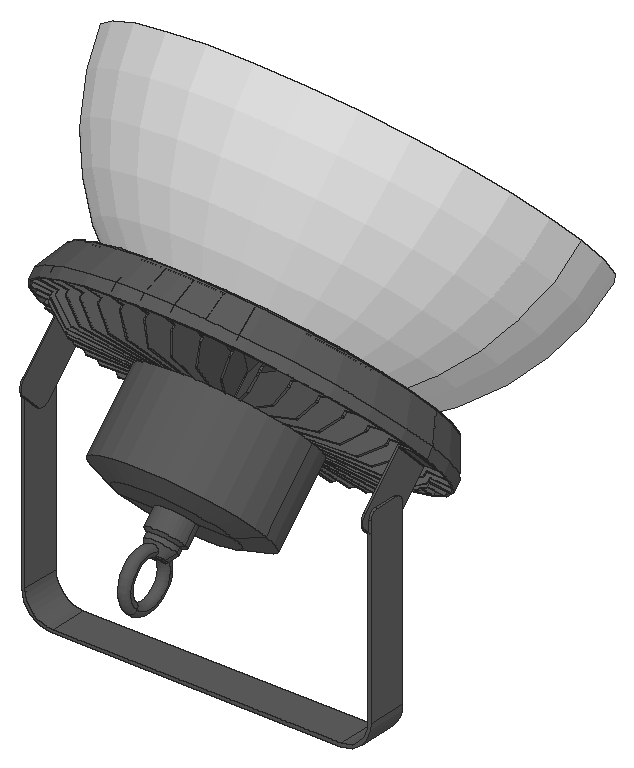
Revit family "0039367+0039355+0039359 Sylvania Lighting Fixture START HighBay IP65 DALI 26000lm 840 WB with BRACKET and ALU SHADE ALU COLOR FOR 26KLM", category Lighting Fixtures, host Face, Revit 2016 (continued)
Definition of nested family "Start LED Highbay DALI Head"
  Nested families
    nested 6: "Start Highbay Rib" at (0, 0, 80.875) x (0.7071, 0.7071, 0) z (0, 0, 1), type "Type Name", detail levels medium+fine
      with SuspensionHeight_FEILO 2.6 mm, WidthStraight_FEILO 4.7 mm, WidthRingChamfer_FEILO 12.9 mm, WidthCurved_FEILO 26.2 mm, WidthCurvedRing_FEILO 4.7 mm, SizeS_FEILO no, Rib4_FEILO 14.6 mm, Rib3_FEILO 20.2 mm, Rib2_FEILO 4.5 mm, Rib1_FEILO 19 mm, RadiusDiffuser_FEILO 120 mm, RHRadius3_FEILO 8.6 mm, RHRadius2_FEILO 14 mm, RHRadius1_FEILO 17.7 mm, RHHeight4_FEILO 9.2 mm, RHHeight3_FEILO 4.6 mm, RHHeight2_FEILO 2.6 mm, RHHeight1_FEILO 17.4 mm, HeightRing_FEILO 36.8 mm, HeightRingChamfer_FEILO 26.6 mm, EyeThickness_FEILO 10.5 mm, EyeThicknessHalf_FEILO 5.25 mm, EyeInner_FEILO 17.3 mm, DriverVerticalStraight_FEILO 57 mm, DriverVerticalChamfer_FEILO 9.5 mm, DriverRadius_FEILO 76.4 mm, DriverRadiusTop_FEILO 52.4 mm, DriverBottom_FEILO 74 mm, Radius_FEILO 169.5 mm
    nested 7: "Start Highbay Rib" at (0, 0, 80.875) x (0.5878, 0.809, 0) z (0, 0, 1), type "Type Name", detail levels medium+fine
      with SuspensionHeight_FEILO 2.6 mm, WidthStraight_FEILO 4.7 mm, WidthRingChamfer_FEILO 12.9 mm, WidthCurved_FEILO 26.2 mm, WidthCurvedRing_FEILO 4.7 mm, SizeS_FEILO no, Rib4_FEILO 14.6 mm, Rib3_FEILO 20.2 mm, Rib2_FEILO 4.5 mm, Rib1_FEILO 19 mm, RadiusDiffuser_FEILO 120 mm, RHRadius3_FEILO 8.6 mm, RHRadius2_FEILO 14 mm, RHRadius1_FEILO 17.7 mm, RHHeight4_FEILO 9.2 mm, RHHeight3_FEILO 4.6 mm, RHHeight2_FEILO 2.6 mm, RHHeight1_FEILO 17.4 mm, HeightRing_FEILO 36.8 mm, HeightRingChamfer_FEILO 26.6 mm, EyeThickness_FEILO 10.5 mm, EyeThicknessHalf_FEILO 5.25 mm, EyeInner_FEILO 17.3 mm, DriverVerticalStraight_FEILO 57 mm, DriverVerticalChamfer_FEILO 9.5 mm, DriverRadius_FEILO 76.4 mm, DriverRadiusTop_FEILO 52.4 mm, DriverBottom_FEILO 74 mm, Radius_FEILO 169.5 mm
    nested 8: "Start Highbay Rib" at (0, 0, 80.875) x (0.454, 0.891, 0) z (0, 0, 1), type "Type Name", detail levels medium+fine
      with SuspensionHeight_FEILO 2.6 mm, WidthStraight_FEILO 4.7 mm, WidthRingChamfer_FEILO 12.9 mm, WidthCurved_FEILO 26.2 mm, WidthCurvedRing_FEILO 4.7 mm, SizeS_FEILO no, Rib4_FEILO 14.6 mm, Rib3_FEILO 20.2 mm, Rib2_FEILO 4.5 mm, Rib1_FEILO 19 mm, RadiusDiffuser_FEILO 120 mm, RHRadius3_FEILO 8.6 mm, RHRadius2_FEILO 14 mm, RHRadius1_FEILO 17.7 mm, RHHeight4_FEILO 9.2 mm, RHHeight3_FEILO 4.6 mm, RHHeight2_FEILO 2.6 mm, RHHeight1_FEILO 17.4 mm, HeightRing_FEILO 36.8 mm, HeightRingChamfer_FEILO 26.6 mm, EyeThickness_FEILO 10.5 mm, EyeThicknessHalf_FEILO 5.25 mm, EyeInner_FEILO 17.3 mm, DriverVerticalStraight_FEILO 57 mm, DriverVerticalChamfer_FEILO 9.5 mm, DriverRadius_FEILO 76.4 mm, DriverRadiusTop_FEILO 52.4 mm, DriverBottom_FEILO 74 mm, Radius_FEILO 169.5 mm
    nested 9: "Start Highbay Rib" at (0, 0, 80.875) x (0.309, 0.9511, 0) z (0, 0, 1), type "Type Name", detail levels medium+fine
      with SuspensionHeight_FEILO 2.6 mm, WidthStraight_FEILO 4.7 mm, WidthRingChamfer_FEILO 12.9 mm, WidthCurved_FEILO 26.2 mm, WidthCurvedRing_FEILO 4.7 mm, SizeS_FEILO no, Rib4_FEILO 14.6 mm, Rib3_FEILO 20.2 mm, Rib2_FEILO 4.5 mm, Rib1_FEILO 19 mm, RadiusDiffuser_FEILO 120 mm, RHRadius3_FEILO 8.6 mm, RHRadius2_FEILO 14 mm, RHRadius1_FEILO 17.7 mm, RHHeight4_FEILO 9.2 mm, RHHeight3_FEILO 4.6 mm, RHHeight2_FEILO 2.6 mm, RHHeight1_FEILO 17.4 mm, HeightRing_FEILO 36.8 mm, HeightRingChamfer_FEILO 26.6 mm, EyeThickness_FEILO 10.5 mm, EyeThicknessHalf_FEILO 5.25 mm, EyeInner_FEILO 17.3 mm, DriverVerticalStraight_FEILO 57 mm, DriverVerticalChamfer_FEILO 9.5 mm, DriverRadius_FEILO 76.4 mm, DriverRadiusTop_FEILO 52.4 mm, DriverBottom_FEILO 74 mm, Radius_FEILO 169.5 mm
    nested 10: "Start Highbay Rib" at (0, 0, 80.875) x (0.1564, 0.9877, 0) z (0, 0, 1), type "Type Name", detail levels medium+fine
      with SuspensionHeight_FEILO 2.6 mm, WidthStraight_FEILO 4.7 mm, WidthRingChamfer_FEILO 12.9 mm, WidthCurved_FEILO 26.2 mm, WidthCurvedRing_FEILO 4.7 mm, SizeS_FEILO no, Rib4_FEILO 14.6 mm, Rib3_FEILO 20.2 mm, Rib2_FEILO 4.5 mm, Rib1_FEILO 19 mm, RadiusDiffuser_FEILO 120 mm, RHRadius3_FEILO 8.6 mm, RHRadius2_FEILO 14 mm, RHRadius1_FEILO 17.7 mm, RHHeight4_FEILO 9.2 mm, RHHeight3_FEILO 4.6 mm, RHHeight2_FEILO 2.6 mm, RHHeight1_FEILO 17.4 mm, HeightRing_FEILO 36.8 mm, HeightRingChamfer_FEILO 26.6 mm, EyeThickness_FEILO 10.5 mm, EyeThicknessHalf_FEILO 5.25 mm, EyeInner_FEILO 17.3 mm, DriverVerticalStraight_FEILO 57 mm, DriverVerticalChamfer_FEILO 9.5 mm, DriverRadius_FEILO 76.4 mm, DriverRadiusTop_FEILO 52.4 mm, DriverBottom_FEILO 74 mm, Radius_FEILO 169.5 mm
    nested 11: "Start Highbay Rib" at (0, 0, 80.875) x (0, 1, 0) z (0, 0, 1), type "Type Name", detail levels medium+fine
      with SuspensionHeight_FEILO 2.6 mm, WidthStraight_FEILO 4.7 mm, WidthRingChamfer_FEILO 12.9 mm, WidthCurved_FEILO 26.2 mm, WidthCurvedRing_FEILO 4.7 mm, SizeS_FEILO no, Rib4_FEILO 14.6 mm, Rib3_FEILO 20.2 mm, Rib2_FEILO 4.5 mm, Rib1_FEILO 19 mm, RadiusDiffuser_FEILO 120 mm, RHRadius3_FEILO 8.6 mm, RHRadius2_FEILO 14 mm, RHRadius1_FEILO 17.7 mm, RHHeight4_FEILO 9.2 mm, RHHeight3_FEILO 4.6 mm, RHHeight2_FEILO 2.6 mm, RHHeight1_FEILO 17.4 mm, HeightRing_FEILO 36.8 mm, HeightRingChamfer_FEILO 26.6 mm, EyeThickness_FEILO 10.5 mm, EyeThicknessHalf_FEILO 5.25 mm, EyeInner_FEILO 17.3 mm, DriverVerticalStraight_FEILO 57 mm, DriverVerticalChamfer_FEILO 9.5 mm, DriverRadius_FEILO 76.4 mm, DriverRadiusTop_FEILO 52.4 mm, DriverBottom_FEILO 74 mm, Radius_FEILO 169.5 mm
    nested 12: "Start Highbay Rib" at (0, 0, 80.875) x (-0.1564, 0.9877, 0) z (0, 0, 1), type "Type Name", detail levels medium+fine
      with SuspensionHeight_FEILO 2.6 mm, WidthStraight_FEILO 4.7 mm, WidthRingChamfer_FEILO 12.9 mm, WidthCurved_FEILO 26.2 mm, WidthCurvedRing_FEILO 4.7 mm, SizeS_FEILO no, Rib4_FEILO 14.6 mm, Rib3_FEILO 20.2 mm, Rib2_FEILO 4.5 mm, Rib1_FEILO 19 mm, RadiusDiffuser_FEILO 120 mm, RHRadius3_FEILO 8.6 mm, RHRadius2_FEILO 14 mm, RHRadius1_FEILO 17.7 mm, RHHeight4_FEILO 9.2 mm, RHHeight3_FEILO 4.6 mm, RHHeight2_FEILO 2.6 mm, RHHeight1_FEILO 17.4 mm, HeightRing_FEILO 36.8 mm, HeightRingChamfer_FEILO 26.6 mm, EyeThickness_FEILO 10.5 mm, EyeThicknessHalf_FEILO 5.25 mm, EyeInner_FEILO 17.3 mm, DriverVerticalStraight_FEILO 57 mm, DriverVerticalChamfer_FEILO 9.5 mm, DriverRadius_FEILO 76.4 mm, DriverRadiusTop_FEILO 52.4 mm, DriverBottom_FEILO 74 mm, Radius_FEILO 169.5 mm
    nested 13: "Start Highbay Rib" at (0, 0, 80.875) x (-0.309, 0.9511, 0) z (0, 0, 1), type "Type Name", detail levels medium+fine
      with SuspensionHeight_FEILO 2.6 mm, WidthStraight_FEILO 4.7 mm, WidthRingChamfer_FEILO 12.9 mm, WidthCurved_FEILO 26.2 mm, WidthCurvedRing_FEILO 4.7 mm, SizeS_FEILO no, Rib4_FEILO 14.6 mm, Rib3_FEILO 20.2 mm, Rib2_FEILO 4.5 mm, Rib1_FEILO 19 mm, RadiusDiffuser_FEILO 120 mm, RHRadius3_FEILO 8.6 mm, RHRadius2_FEILO 14 mm, RHRadius1_FEILO 17.7 mm, RHHeight4_FEILO 9.2 mm, RHHeight3_FEILO 4.6 mm, RHHeight2_FEILO 2.6 mm, RHHeight1_FEILO 17.4 mm, HeightRing_FEILO 36.8 mm, HeightRingChamfer_FEILO 26.6 mm, EyeThickness_FEILO 10.5 mm, EyeThicknessHalf_FEILO 5.25 mm, EyeInner_FEILO 17.3 mm, DriverVerticalStraight_FEILO 57 mm, DriverVerticalChamfer_FEILO 9.5 mm, DriverRadius_FEILO 76.4 mm, DriverRadiusTop_FEILO 52.4 mm, DriverBottom_FEILO 74 mm, Radius_FEILO 169.5 mm
    nested 14: "Start Highbay Rib" at (0, 0, 80.875) x (-0.454, 0.891, 0) z (0, 0, 1), type "Type Name", detail levels medium+fine
      with SuspensionHeight_FEILO 2.6 mm, WidthStraight_FEILO 4.7 mm, WidthRingChamfer_FEILO 12.9 mm, WidthCurved_FEILO 26.2 mm, WidthCurvedRing_FEILO 4.7 mm, SizeS_FEILO no, Rib4_FEILO 14.6 mm, Rib3_FEILO 20.2 mm, Rib2_FEILO 4.5 mm, Rib1_FEILO 19 mm, RadiusDiffuser_FEILO 120 mm, RHRadius3_FEILO 8.6 mm, RHRadius2_FEILO 14 mm, RHRadius1_FEILO 17.7 mm, RHHeight4_FEILO 9.2 mm, RHHeight3_FEILO 4.6 mm, RHHeight2_FEILO 2.6 mm, RHHeight1_FEILO 17.4 mm, HeightRing_FEILO 36.8 mm, HeightRingChamfer_FEILO 26.6 mm, EyeThickness_FEILO 10.5 mm, EyeThicknessHalf_FEILO 5.25 mm, EyeInner_FEILO 17.3 mm, DriverVerticalStraight_FEILO 57 mm, DriverVerticalChamfer_FEILO 9.5 mm, DriverRadius_FEILO 76.4 mm, DriverRadiusTop_FEILO 52.4 mm, DriverBottom_FEILO 74 mm, Radius_FEILO 169.5 mm
    nested 15: "Start Highbay Rib" at (0, 0, 80.875) x (-0.5878, 0.809, 0) z (0, 0, 1), type "Type Name", detail levels medium+fine
      with SuspensionHeight_FEILO 2.6 mm, WidthStraight_FEILO 4.7 mm, WidthRingChamfer_FEILO 12.9 mm, WidthCurved_FEILO 26.2 mm, WidthCurvedRing_FEILO 4.7 mm, SizeS_FEILO no, Rib4_FEILO 14.6 mm, Rib3_FEILO 20.2 mm, Rib2_FEILO 4.5 mm, Rib1_FEILO 19 mm, RadiusDiffuser_FEILO 120 mm, RHRadius3_FEILO 8.6 mm, RHRadius2_FEILO 14 mm, RHRadius1_FEILO 17.7 mm, RHHeight4_FEILO 9.2 mm, RHHeight3_FEILO 4.6 mm, RHHeight2_FEILO 2.6 mm, RHHeight1_FEILO 17.4 mm, HeightRing_FEILO 36.8 mm, HeightRingChamfer_FEILO 26.6 mm, EyeThickness_FEILO 10.5 mm, EyeThicknessHalf_FEILO 5.25 mm, EyeInner_FEILO 17.3 mm, DriverVerticalStraight_FEILO 57 mm, DriverVerticalChamfer_FEILO 9.5 mm, DriverRadius_FEILO 76.4 mm, DriverRadiusTop_FEILO 52.4 mm, DriverBottom_FEILO 74 mm, Radius_FEILO 169.5 mm
    nested 16: "Start Highbay Rib" at (0, 0, 80.875) x (-0.7071, 0.7071, 0) z (0, 0, 1), type "Type Name", detail levels medium+fine
      with SuspensionHeight_FEILO 2.6 mm, WidthStraight_FEILO 4.7 mm, WidthRingChamfer_FEILO 12.9 mm, WidthCurved_FEILO 26.2 mm, WidthCurvedRing_FEILO 4.7 mm, SizeS_FEILO no, Rib4_FEILO 14.6 mm, Rib3_FEILO 20.2 mm, Rib2_FEILO 4.5 mm, Rib1_FEILO 19 mm, RadiusDiffuser_FEILO 120 mm, RHRadius3_FEILO 8.6 mm, RHRadius2_FEILO 14 mm, RHRadius1_FEILO 17.7 mm, RHHeight4_FEILO 9.2 mm, RHHeight3_FEILO 4.6 mm, RHHeight2_FEILO 2.6 mm, RHHeight1_FEILO 17.4 mm, HeightRing_FEILO 36.8 mm, HeightRingChamfer_FEILO 26.6 mm, EyeThickness_FEILO 10.5 mm, EyeThicknessHalf_FEILO 5.25 mm, EyeInner_FEILO 17.3 mm, DriverVerticalStraight_FEILO 57 mm, DriverVerticalChamfer_FEILO 9.5 mm, DriverRadius_FEILO 76.4 mm, DriverRadiusTop_FEILO 52.4 mm, DriverBottom_FEILO 74 mm, Radius_FEILO 169.5 mm
    nested 17: "Start Highbay Rib" at (0, 0, 80.875) x (-0.809, 0.5878, 0) z (0, 0, 1), type "Type Name", detail levels medium+fine
      with SuspensionHeight_FEILO 2.6 mm, WidthStraight_FEILO 4.7 mm, WidthRingChamfer_FEILO 12.9 mm, WidthCurved_FEILO 26.2 mm, WidthCurvedRing_FEILO 4.7 mm, SizeS_FEILO no, Rib4_FEILO 14.6 mm, Rib3_FEILO 20.2 mm, Rib2_FEILO 4.5 mm, Rib1_FEILO 19 mm, RadiusDiffuser_FEILO 120 mm, RHRadius3_FEILO 8.6 mm, RHRadius2_FEILO 14 mm, RHRadius1_FEILO 17.7 mm, RHHeight4_FEILO 9.2 mm, RHHeight3_FEILO 4.6 mm, RHHeight2_FEILO 2.6 mm, RHHeight1_FEILO 17.4 mm, HeightRing_FEILO 36.8 mm, HeightRingChamfer_FEILO 26.6 mm, EyeThickness_FEILO 10.5 mm, EyeThicknessHalf_FEILO 5.25 mm, EyeInner_FEILO 17.3 mm, DriverVerticalStraight_FEILO 57 mm, DriverVerticalChamfer_FEILO 9.5 mm, DriverRadius_FEILO 76.4 mm, DriverRadiusTop_FEILO 52.4 mm, DriverBottom_FEILO 74 mm, Radius_FEILO 169.5 mm
    nested 18: "Start Highbay Rib" at (0, 0, 80.875) x (-0.891, 0.454, 0) z (0, 0, 1), type "Type Name", detail levels medium+fine
      with SuspensionHeight_FEILO 2.6 mm, WidthStraight_FEILO 4.7 mm, WidthRingChamfer_FEILO 12.9 mm, WidthCurved_FEILO 26.2 mm, WidthCurvedRing_FEILO 4.7 mm, SizeS_FEILO no, Rib4_FEILO 14.6 mm, Rib3_FEILO 20.2 mm, Rib2_FEILO 4.5 mm, Rib1_FEILO 19 mm, RadiusDiffuser_FEILO 120 mm, RHRadius3_FEILO 8.6 mm, RHRadius2_FEILO 14 mm, RHRadius1_FEILO 17.7 mm, RHHeight4_FEILO 9.2 mm, RHHeight3_FEILO 4.6 mm, RHHeight2_FEILO 2.6 mm, RHHeight1_FEILO 17.4 mm, HeightRing_FEILO 36.8 mm, HeightRingChamfer_FEILO 26.6 mm, EyeThickness_FEILO 10.5 mm, EyeThicknessHalf_FEILO 5.25 mm, EyeInner_FEILO 17.3 mm, DriverVerticalStraight_FEILO 57 mm, DriverVerticalChamfer_FEILO 9.5 mm, DriverRadius_FEILO 76.4 mm, DriverRadiusTop_FEILO 52.4 mm, DriverBottom_FEILO 74 mm, Radius_FEILO 169.5 mm
    nested 19: "Start Highbay Rib" at (0, 0, 80.875) x (-0.9511, 0.309, 0) z (0, 0, 1), type "Type Name", detail levels medium+fine
      with SuspensionHeight_FEILO 2.6 mm, WidthStraight_FEILO 4.7 mm, WidthRingChamfer_FEILO 12.9 mm, WidthCurved_FEILO 26.2 mm, WidthCurvedRing_FEILO 4.7 mm, SizeS_FEILO no, Rib4_FEILO 14.6 mm, Rib3_FEILO 20.2 mm, Rib2_FEILO 4.5 mm, Rib1_FEILO 19 mm, RadiusDiffuser_FEILO 120 mm, RHRadius3_FEILO 8.6 mm, RHRadius2_FEILO 14 mm, RHRadius1_FEILO 17.7 mm, RHHeight4_FEILO 9.2 mm, RHHeight3_FEILO 4.6 mm, RHHeight2_FEILO 2.6 mm, RHHeight1_FEILO 17.4 mm, HeightRing_FEILO 36.8 mm, HeightRingChamfer_FEILO 26.6 mm, EyeThickness_FEILO 10.5 mm, EyeThicknessHalf_FEILO 5.25 mm, EyeInner_FEILO 17.3 mm, DriverVerticalStraight_FEILO 57 mm, DriverVerticalChamfer_FEILO 9.5 mm, DriverRadius_FEILO 76.4 mm, DriverRadiusTop_FEILO 52.4 mm, DriverBottom_FEILO 74 mm, Radius_FEILO 169.5 mm
    nested 20: "Start Highbay Rib" at (0, 0, 80.875) x (-0.9877, 0.1564, 0) z (0, 0, 1), type "Type Name", detail levels medium+fine
      with SuspensionHeight_FEILO 2.6 mm, WidthStraight_FEILO 4.7 mm, WidthRingChamfer_FEILO 12.9 mm, WidthCurved_FEILO 26.2 mm, WidthCurvedRing_FEILO 4.7 mm, SizeS_FEILO no, Rib4_FEILO 14.6 mm, Rib3_FEILO 20.2 mm, Rib2_FEILO 4.5 mm, Rib1_FEILO 19 mm, RadiusDiffuser_FEILO 120 mm, RHRadius3_FEILO 8.6 mm, RHRadius2_FEILO 14 mm, RHRadius1_FEILO 17.7 mm, RHHeight4_FEILO 9.2 mm, RHHeight3_FEILO 4.6 mm, RHHeight2_FEILO 2.6 mm, RHHeight1_FEILO 17.4 mm, HeightRing_FEILO 36.8 mm, HeightRingChamfer_FEILO 26.6 mm, EyeThickness_FEILO 10.5 mm, EyeThicknessHalf_FEILO 5.25 mm, EyeInner_FEILO 17.3 mm, DriverVerticalStraight_FEILO 57 mm, DriverVerticalChamfer_FEILO 9.5 mm, DriverRadius_FEILO 76.4 mm, DriverRadiusTop_FEILO 52.4 mm, DriverBottom_FEILO 74 mm, Radius_FEILO 169.5 mm
    nested 21: "Start Highbay Rib" at (0, 0, 80.875) x (-1, 0, 0) z (0, 0, 1), type "Type Name", detail levels medium+fine
      with SuspensionHeight_FEILO 2.6 mm, WidthStraight_FEILO 4.7 mm, WidthRingChamfer_FEILO 12.9 mm, WidthCurved_FEILO 26.2 mm, WidthCurvedRing_FEILO 4.7 mm, SizeS_FEILO no, Rib4_FEILO 14.6 mm, Rib3_FEILO 20.2 mm, Rib2_FEILO 4.5 mm, Rib1_FEILO 19 mm, RadiusDiffuser_FEILO 120 mm, RHRadius3_FEILO 8.6 mm, RHRadius2_FEILO 14 mm, RHRadius1_FEILO 17.7 mm, RHHeight4_FEILO 9.2 mm, RHHeight3_FEILO 4.6 mm, RHHeight2_FEILO 2.6 mm, RHHeight1_FEILO 17.4 mm, HeightRing_FEILO 36.8 mm, HeightRingChamfer_FEILO 26.6 mm, EyeThickness_FEILO 10.5 mm, EyeThicknessHalf_FEILO 5.25 mm, EyeInner_FEILO 17.3 mm, DriverVerticalStraight_FEILO 57 mm, DriverVerticalChamfer_FEILO 9.5 mm, DriverRadius_FEILO 76.4 mm, DriverRadiusTop_FEILO 52.4 mm, DriverBottom_FEILO 74 mm, Radius_FEILO 169.5 mm
    nested 22: "Start Highbay Rib" at (0, 0, 80.875) x (-0.9877, -0.1564, 0) z (0, 0, 1), type "Type Name", detail levels medium+fine
      with SuspensionHeight_FEILO 2.6 mm, WidthStraight_FEILO 4.7 mm, WidthRingChamfer_FEILO 12.9 mm, WidthCurved_FEILO 26.2 mm, WidthCurvedRing_FEILO 4.7 mm, SizeS_FEILO no, Rib4_FEILO 14.6 mm, Rib3_FEILO 20.2 mm, Rib2_FEILO 4.5 mm, Rib1_FEILO 19 mm, RadiusDiffuser_FEILO 120 mm, RHRadius3_FEILO 8.6 mm, RHRadius2_FEILO 14 mm, RHRadius1_FEILO 17.7 mm, RHHeight4_FEILO 9.2 mm, RHHeight3_FEILO 4.6 mm, RHHeight2_FEILO 2.6 mm, RHHeight1_FEILO 17.4 mm, HeightRing_FEILO 36.8 mm, HeightRingChamfer_FEILO 26.6 mm, EyeThickness_FEILO 10.5 mm, EyeThicknessHalf_FEILO 5.25 mm, EyeInner_FEILO 17.3 mm, DriverVerticalStraight_FEILO 57 mm, DriverVerticalChamfer_FEILO 9.5 mm, DriverRadius_FEILO 76.4 mm, DriverRadiusTop_FEILO 52.4 mm, DriverBottom_FEILO 74 mm, Radius_FEILO 169.5 mm
    nested 23: "Start Highbay Rib" at (0, 0, 80.875) x (-0.9511, -0.309, 0) z (0, 0, 1), type "Type Name", detail levels medium+fine
      with SuspensionHeight_FEILO 2.6 mm, WidthStraight_FEILO 4.7 mm, WidthRingChamfer_FEILO 12.9 mm, WidthCurved_FEILO 26.2 mm, WidthCurvedRing_FEILO 4.7 mm, SizeS_FEILO no, Rib4_FEILO 14.6 mm, Rib3_FEILO 20.2 mm, Rib2_FEILO 4.5 mm, Rib1_FEILO 19 mm, RadiusDiffuser_FEILO 120 mm, RHRadius3_FEILO 8.6 mm, RHRadius2_FEILO 14 mm, RHRadius1_FEILO 17.7 mm, RHHeight4_FEILO 9.2 mm, RHHeight3_FEILO 4.6 mm, RHHeight2_FEILO 2.6 mm, RHHeight1_FEILO 17.4 mm, HeightRing_FEILO 36.8 mm, HeightRingChamfer_FEILO 26.6 mm, EyeThickness_FEILO 10.5 mm, EyeThicknessHalf_FEILO 5.25 mm, EyeInner_FEILO 17.3 mm, DriverVerticalStraight_FEILO 57 mm, DriverVerticalChamfer_FEILO 9.5 mm, DriverRadius_FEILO 76.4 mm, DriverRadiusTop_FEILO 52.4 mm, DriverBottom_FEILO 74 mm, Radius_FEILO 169.5 mm
    nested 24: "Start Highbay Rib" at (0, 0, 80.875) x (-0.891, -0.454, 0) z (0, 0, 1), type "Type Name", detail levels medium+fine
      with SuspensionHeight_FEILO 2.6 mm, WidthStraight_FEILO 4.7 mm, WidthRingChamfer_FEILO 12.9 mm, WidthCurved_FEILO 26.2 mm, WidthCurvedRing_FEILO 4.7 mm, SizeS_FEILO no, Rib4_FEILO 14.6 mm, Rib3_FEILO 20.2 mm, Rib2_FEILO 4.5 mm, Rib1_FEILO 19 mm, RadiusDiffuser_FEILO 120 mm, RHRadius3_FEILO 8.6 mm, RHRadius2_FEILO 14 mm, RHRadius1_FEILO 17.7 mm, RHHeight4_FEILO 9.2 mm, RHHeight3_FEILO 4.6 mm, RHHeight2_FEILO 2.6 mm, RHHeight1_FEILO 17.4 mm, HeightRing_FEILO 36.8 mm, HeightRingChamfer_FEILO 26.6 mm, EyeThickness_FEILO 10.5 mm, EyeThicknessHalf_FEILO 5.25 mm, EyeInner_FEILO 17.3 mm, DriverVerticalStraight_FEILO 57 mm, DriverVerticalChamfer_FEILO 9.5 mm, DriverRadius_FEILO 76.4 mm, DriverRadiusTop_FEILO 52.4 mm, DriverBottom_FEILO 74 mm, Radius_FEILO 169.5 mm
    nested 25: "Start Highbay Rib" at (0, 0, 80.875) x (-0.809, -0.5878, 0) z (0, 0, 1), type "Type Name", detail levels medium+fine
      with SuspensionHeight_FEILO 2.6 mm, WidthStraight_FEILO 4.7 mm, WidthRingChamfer_FEILO 12.9 mm, WidthCurved_FEILO 26.2 mm, WidthCurvedRing_FEILO 4.7 mm, SizeS_FEILO no, Rib4_FEILO 14.6 mm, Rib3_FEILO 20.2 mm, Rib2_FEILO 4.5 mm, Rib1_FEILO 19 mm, RadiusDiffuser_FEILO 120 mm, RHRadius3_FEILO 8.6 mm, RHRadius2_FEILO 14 mm, RHRadius1_FEILO 17.7 mm, RHHeight4_FEILO 9.2 mm, RHHeight3_FEILO 4.6 mm, RHHeight2_FEILO 2.6 mm, RHHeight1_FEILO 17.4 mm, HeightRing_FEILO 36.8 mm, HeightRingChamfer_FEILO 26.6 mm, EyeThickness_FEILO 10.5 mm, EyeThicknessHalf_FEILO 5.25 mm, EyeInner_FEILO 17.3 mm, DriverVerticalStraight_FEILO 57 mm, DriverVerticalChamfer_FEILO 9.5 mm, DriverRadius_FEILO 76.4 mm, DriverRadiusTop_FEILO 52.4 mm, DriverBottom_FEILO 74 mm, Radius_FEILO 169.5 mm
    nested 26: "Start Highbay Rib" at (0, 0, 80.875) x (-0.7071, -0.7071, 0) z (0, 0, 1), type "Type Name", detail levels medium+fine
      with SuspensionHeight_FEILO 2.6 mm, WidthStraight_FEILO 4.7 mm, WidthRingChamfer_FEILO 12.9 mm, WidthCurved_FEILO 26.2 mm, WidthCurvedRing_FEILO 4.7 mm, SizeS_FEILO no, Rib4_FEILO 14.6 mm, Rib3_FEILO 20.2 mm, Rib2_FEILO 4.5 mm, Rib1_FEILO 19 mm, RadiusDiffuser_FEILO 120 mm, RHRadius3_FEILO 8.6 mm, RHRadius2_FEILO 14 mm, RHRadius1_FEILO 17.7 mm, RHHeight4_FEILO 9.2 mm, RHHeight3_FEILO 4.6 mm, RHHeight2_FEILO 2.6 mm, RHHeight1_FEILO 17.4 mm, HeightRing_FEILO 36.8 mm, HeightRingChamfer_FEILO 26.6 mm, EyeThickness_FEILO 10.5 mm, EyeThicknessHalf_FEILO 5.25 mm, EyeInner_FEILO 17.3 mm, DriverVerticalStraight_FEILO 57 mm, DriverVerticalChamfer_FEILO 9.5 mm, DriverRadius_FEILO 76.4 mm, DriverRadiusTop_FEILO 52.4 mm, DriverBottom_FEILO 74 mm, Radius_FEILO 169.5 mm
    nested 27: "Start Highbay Rib" at (0, 0, 80.875) x (-0.5878, -0.809, 0) z (0, 0, 1), type "Type Name", detail levels medium+fine
      with SuspensionHeight_FEILO 2.6 mm, WidthStraight_FEILO 4.7 mm, WidthRingChamfer_FEILO 12.9 mm, WidthCurved_FEILO 26.2 mm, WidthCurvedRing_FEILO 4.7 mm, SizeS_FEILO no, Rib4_FEILO 14.6 mm, Rib3_FEILO 20.2 mm, Rib2_FEILO 4.5 mm, Rib1_FEILO 19 mm, RadiusDiffuser_FEILO 120 mm, RHRadius3_FEILO 8.6 mm, RHRadius2_FEILO 14 mm, RHRadius1_FEILO 17.7 mm, RHHeight4_FEILO 9.2 mm, RHHeight3_FEILO 4.6 mm, RHHeight2_FEILO 2.6 mm, RHHeight1_FEILO 17.4 mm, HeightRing_FEILO 36.8 mm, HeightRingChamfer_FEILO 26.6 mm, EyeThickness_FEILO 10.5 mm, EyeThicknessHalf_FEILO 5.25 mm, EyeInner_FEILO 17.3 mm, DriverVerticalStraight_FEILO 57 mm, DriverVerticalChamfer_FEILO 9.5 mm, DriverRadius_FEILO 76.4 mm, DriverRadiusTop_FEILO 52.4 mm, DriverBottom_FEILO 74 mm, Radius_FEILO 169.5 mm
    nested 28: "Start Highbay Rib" at (0, 0, 80.875) x (-0.454, -0.891, 0) z (0, 0, 1), type "Type Name", detail levels medium+fine
      with SuspensionHeight_FEILO 2.6 mm, WidthStraight_FEILO 4.7 mm, WidthRingChamfer_FEILO 12.9 mm, WidthCurved_FEILO 26.2 mm, WidthCurvedRing_FEILO 4.7 mm, SizeS_FEILO no, Rib4_FEILO 14.6 mm, Rib3_FEILO 20.2 mm, Rib2_FEILO 4.5 mm, Rib1_FEILO 19 mm, RadiusDiffuser_FEILO 120 mm, RHRadius3_FEILO 8.6 mm, RHRadius2_FEILO 14 mm, RHRadius1_FEILO 17.7 mm, RHHeight4_FEILO 9.2 mm, RHHeight3_FEILO 4.6 mm, RHHeight2_FEILO 2.6 mm, RHHeight1_FEILO 17.4 mm, HeightRing_FEILO 36.8 mm, HeightRingChamfer_FEILO 26.6 mm, EyeThickness_FEILO 10.5 mm, EyeThicknessHalf_FEILO 5.25 mm, EyeInner_FEILO 17.3 mm, DriverVerticalStraight_FEILO 57 mm, DriverVerticalChamfer_FEILO 9.5 mm, DriverRadius_FEILO 76.4 mm, DriverRadiusTop_FEILO 52.4 mm, DriverBottom_FEILO 74 mm, Radius_FEILO 169.5 mm
    nested 29: "Start Highbay Rib" at (0, 0, 80.875) x (-0.309, -0.9511, 0) z (0, 0, 1), type "Type Name", detail levels medium+fine
      with SuspensionHeight_FEILO 2.6 mm, WidthStraight_FEILO 4.7 mm, WidthRingChamfer_FEILO 12.9 mm, WidthCurved_FEILO 26.2 mm, WidthCurvedRing_FEILO 4.7 mm, SizeS_FEILO no, Rib4_FEILO 14.6 mm, Rib3_FEILO 20.2 mm, Rib2_FEILO 4.5 mm, Rib1_FEILO 19 mm, RadiusDiffuser_FEILO 120 mm, RHRadius3_FEILO 8.6 mm, RHRadius2_FEILO 14 mm, RHRadius1_FEILO 17.7 mm, RHHeight4_FEILO 9.2 mm, RHHeight3_FEILO 4.6 mm, RHHeight2_FEILO 2.6 mm, RHHeight1_FEILO 17.4 mm, HeightRing_FEILO 36.8 mm, HeightRingChamfer_FEILO 26.6 mm, EyeThickness_FEILO 10.5 mm, EyeThicknessHalf_FEILO 5.25 mm, EyeInner_FEILO 17.3 mm, DriverVerticalStraight_FEILO 57 mm, DriverVerticalChamfer_FEILO 9.5 mm, DriverRadius_FEILO 76.4 mm, DriverRadiusTop_FEILO 52.4 mm, DriverBottom_FEILO 74 mm, Radius_FEILO 169.5 mm
    nested 30: "Start Highbay Rib" at (0, 0, 80.875) x (-0.1564, -0.9877, 0) z (0, 0, 1), type "Type Name", detail levels medium+fine
      with SuspensionHeight_FEILO 2.6 mm, WidthStraight_FEILO 4.7 mm, WidthRingChamfer_FEILO 12.9 mm, WidthCurved_FEILO 26.2 mm, WidthCurvedRing_FEILO 4.7 mm, SizeS_FEILO no, Rib4_FEILO 14.6 mm, Rib3_FEILO 20.2 mm, Rib2_FEILO 4.5 mm, Rib1_FEILO 19 mm, RadiusDiffuser_FEILO 120 mm, RHRadius3_FEILO 8.6 mm, RHRadius2_FEILO 14 mm, RHRadius1_FEILO 17.7 mm, RHHeight4_FEILO 9.2 mm, RHHeight3_FEILO 4.6 mm, RHHeight2_FEILO 2.6 mm, RHHeight1_FEILO 17.4 mm, HeightRing_FEILO 36.8 mm, HeightRingChamfer_FEILO 26.6 mm, EyeThickness_FEILO 10.5 mm, EyeThicknessHalf_FEILO 5.25 mm, EyeInner_FEILO 17.3 mm, DriverVerticalStraight_FEILO 57 mm, DriverVerticalChamfer_FEILO 9.5 mm, DriverRadius_FEILO 76.4 mm, DriverRadiusTop_FEILO 52.4 mm, DriverBottom_FEILO 74 mm, Radius_FEILO 169.5 mm
    nested 31: "Start Highbay Rib" at (0, 0, 80.875) x (0, -1, 0) z (0, 0, 1), type "Type Name", detail levels medium+fine
      with SuspensionHeight_FEILO 2.6 mm, WidthStraight_FEILO 4.7 mm, WidthRingChamfer_FEILO 12.9 mm, WidthCurved_FEILO 26.2 mm, WidthCurvedRing_FEILO 4.7 mm, SizeS_FEILO no, Rib4_FEILO 14.6 mm, Rib3_FEILO 20.2 mm, Rib2_FEILO 4.5 mm, Rib1_FEILO 19 mm, RadiusDiffuser_FEILO 120 mm, RHRadius3_FEILO 8.6 mm, RHRadius2_FEILO 14 mm, RHRadius1_FEILO 17.7 mm, RHHeight4_FEILO 9.2 mm, RHHeight3_FEILO 4.6 mm, RHHeight2_FEILO 2.6 mm, RHHeight1_FEILO 17.4 mm, HeightRing_FEILO 36.8 mm, HeightRingChamfer_FEILO 26.6 mm, EyeThickness_FEILO 10.5 mm, EyeThicknessHalf_FEILO 5.25 mm, EyeInner_FEILO 17.3 mm, DriverVerticalStraight_FEILO 57 mm, DriverVerticalChamfer_FEILO 9.5 mm, DriverRadius_FEILO 76.4 mm, DriverRadiusTop_FEILO 52.4 mm, DriverBottom_FEILO 74 mm, Radius_FEILO 169.5 mm
    nested 32: "Start Highbay Rib" at (0, 0, 80.875) x (0.1564, -0.9877, 0) z (0, 0, 1), type "Type Name", detail levels medium+fine
      with SuspensionHeight_FEILO 2.6 mm, WidthStraight_FEILO 4.7 mm, WidthRingChamfer_FEILO 12.9 mm, WidthCurved_FEILO 26.2 mm, WidthCurvedRing_FEILO 4.7 mm, SizeS_FEILO no, Rib4_FEILO 14.6 mm, Rib3_FEILO 20.2 mm, Rib2_FEILO 4.5 mm, Rib1_FEILO 19 mm, RadiusDiffuser_FEILO 120 mm, RHRadius3_FEILO 8.6 mm, RHRadius2_FEILO 14 mm, RHRadius1_FEILO 17.7 mm, RHHeight4_FEILO 9.2 mm, RHHeight3_FEILO 4.6 mm, RHHeight2_FEILO 2.6 mm, RHHeight1_FEILO 17.4 mm, HeightRing_FEILO 36.8 mm, HeightRingChamfer_FEILO 26.6 mm, EyeThickness_FEILO 10.5 mm, EyeThicknessHalf_FEILO 5.25 mm, EyeInner_FEILO 17.3 mm, DriverVerticalStraight_FEILO 57 mm, DriverVerticalChamfer_FEILO 9.5 mm, DriverRadius_FEILO 76.4 mm, DriverRadiusTop_FEILO 52.4 mm, DriverBottom_FEILO 74 mm, Radius_FEILO 169.5 mm
    nested 33: "Start Highbay Rib" at (0, 0, 80.875) x (0.309, -0.9511, 0) z (0, 0, 1), type "Type Name", detail levels medium+fine
      with SuspensionHeight_FEILO 2.6 mm, WidthStraight_FEILO 4.7 mm, WidthRingChamfer_FEILO 12.9 mm, WidthCurved_FEILO 26.2 mm, WidthCurvedRing_FEILO 4.7 mm, SizeS_FEILO no, Rib4_FEILO 14.6 mm, Rib3_FEILO 20.2 mm, Rib2_FEILO 4.5 mm, Rib1_FEILO 19 mm, RadiusDiffuser_FEILO 120 mm, RHRadius3_FEILO 8.6 mm, RHRadius2_FEILO 14 mm, RHRadius1_FEILO 17.7 mm, RHHeight4_FEILO 9.2 mm, RHHeight3_FEILO 4.6 mm, RHHeight2_FEILO 2.6 mm, RHHeight1_FEILO 17.4 mm, HeightRing_FEILO 36.8 mm, HeightRingChamfer_FEILO 26.6 mm, EyeThickness_FEILO 10.5 mm, EyeThicknessHalf_FEILO 5.25 mm, EyeInner_FEILO 17.3 mm, DriverVerticalStraight_FEILO 57 mm, DriverVerticalChamfer_FEILO 9.5 mm, DriverRadius_FEILO 76.4 mm, DriverRadiusTop_FEILO 52.4 mm, DriverBottom_FEILO 74 mm, Radius_FEILO 169.5 mm
    nested 34: "Start Highbay Rib" at (0, 0, 80.875) x (0.454, -0.891, 0) z (0, 0, 1), type "Type Name", detail levels medium+fine
      with SuspensionHeight_FEILO 2.6 mm, WidthStraight_FEILO 4.7 mm, WidthRingChamfer_FEILO 12.9 mm, WidthCurved_FEILO 26.2 mm, WidthCurvedRing_FEILO 4.7 mm, SizeS_FEILO no, Rib4_FEILO 14.6 mm, Rib3_FEILO 20.2 mm, Rib2_FEILO 4.5 mm, Rib1_FEILO 19 mm, RadiusDiffuser_FEILO 120 mm, RHRadius3_FEILO 8.6 mm, RHRadius2_FEILO 14 mm, RHRadius1_FEILO 17.7 mm, RHHeight4_FEILO 9.2 mm, RHHeight3_FEILO 4.6 mm, RHHeight2_FEILO 2.6 mm, RHHeight1_FEILO 17.4 mm, HeightRing_FEILO 36.8 mm, HeightRingChamfer_FEILO 26.6 mm, EyeThickness_FEILO 10.5 mm, EyeThicknessHalf_FEILO 5.25 mm, EyeInner_FEILO 17.3 mm, DriverVerticalStraight_FEILO 57 mm, DriverVerticalChamfer_FEILO 9.5 mm, DriverRadius_FEILO 76.4 mm, DriverRadiusTop_FEILO 52.4 mm, DriverBottom_FEILO 74 mm, Radius_FEILO 169.5 mm
    nested 35: "Start Highbay Rib" at (0, 0, 80.875) x (0.5878, -0.809, 0) z (0, 0, 1), type "Type Name", detail levels medium+fine
      with SuspensionHeight_FEILO 2.6 mm, WidthStraight_FEILO 4.7 mm, WidthRingChamfer_FEILO 12.9 mm, WidthCurved_FEILO 26.2 mm, WidthCurvedRing_FEILO 4.7 mm, SizeS_FEILO no, Rib4_FEILO 14.6 mm, Rib3_FEILO 20.2 mm, Rib2_FEILO 4.5 mm, Rib1_FEILO 19 mm, RadiusDiffuser_FEILO 120 mm, RHRadius3_FEILO 8.6 mm, RHRadius2_FEILO 14 mm, RHRadius1_FEILO 17.7 mm, RHHeight4_FEILO 9.2 mm, RHHeight3_FEILO 4.6 mm, RHHeight2_FEILO 2.6 mm, RHHeight1_FEILO 17.4 mm, HeightRing_FEILO 36.8 mm, HeightRingChamfer_FEILO 26.6 mm, EyeThickness_FEILO 10.5 mm, EyeThicknessHalf_FEILO 5.25 mm, EyeInner_FEILO 17.3 mm, DriverVerticalStraight_FEILO 57 mm, DriverVerticalChamfer_FEILO 9.5 mm, DriverRadius_FEILO 76.4 mm, DriverRadiusTop_FEILO 52.4 mm, DriverBottom_FEILO 74 mm, Radius_FEILO 169.5 mm
    nested 36: "Start Highbay Rib" at (0, 0, 80.875) x (0.7071, -0.7071, 0) z (0, 0, 1), type "Type Name", detail levels medium+fine
      with SuspensionHeight_FEILO 2.6 mm, WidthStraight_FEILO 4.7 mm, WidthRingChamfer_FEILO 12.9 mm, WidthCurved_FEILO 26.2 mm, WidthCurvedRing_FEILO 4.7 mm, SizeS_FEILO no, Rib4_FEILO 14.6 mm, Rib3_FEILO 20.2 mm, Rib2_FEILO 4.5 mm, Rib1_FEILO 19 mm, RadiusDiffuser_FEILO 120 mm, RHRadius3_FEILO 8.6 mm, RHRadius2_FEILO 14 mm, RHRadius1_FEILO 17.7 mm, RHHeight4_FEILO 9.2 mm, RHHeight3_FEILO 4.6 mm, RHHeight2_FEILO 2.6 mm, RHHeight1_FEILO 17.4 mm, HeightRing_FEILO 36.8 mm, HeightRingChamfer_FEILO 26.6 mm, EyeThickness_FEILO 10.5 mm, EyeThicknessHalf_FEILO 5.25 mm, EyeInner_FEILO 17.3 mm, DriverVerticalStraight_FEILO 57 mm, DriverVerticalChamfer_FEILO 9.5 mm, DriverRadius_FEILO 76.4 mm, DriverRadiusTop_FEILO 52.4 mm, DriverBottom_FEILO 74 mm, Radius_FEILO 169.5 mm
    nested 37: "Start Highbay Rib" at (0, 0, 80.875) x (0.809, -0.5878, 0) z (0, 0, 1), type "Type Name", detail levels medium+fine
      with SuspensionHeight_FEILO 2.6 mm, WidthStraight_FEILO 4.7 mm, WidthRingChamfer_FEILO 12.9 mm, WidthCurved_FEILO 26.2 mm, WidthCurvedRing_FEILO 4.7 mm, SizeS_FEILO no, Rib4_FEILO 14.6 mm, Rib3_FEILO 20.2 mm, Rib2_FEILO 4.5 mm, Rib1_FEILO 19 mm, RadiusDiffuser_FEILO 120 mm, RHRadius3_FEILO 8.6 mm, RHRadius2_FEILO 14 mm, RHRadius1_FEILO 17.7 mm, RHHeight4_FEILO 9.2 mm, RHHeight3_FEILO 4.6 mm, RHHeight2_FEILO 2.6 mm, RHHeight1_FEILO 17.4 mm, HeightRing_FEILO 36.8 mm, HeightRingChamfer_FEILO 26.6 mm, EyeThickness_FEILO 10.5 mm, EyeThicknessHalf_FEILO 5.25 mm, EyeInner_FEILO 17.3 mm, DriverVerticalStraight_FEILO 57 mm, DriverVerticalChamfer_FEILO 9.5 mm, DriverRadius_FEILO 76.4 mm, DriverRadiusTop_FEILO 52.4 mm, DriverBottom_FEILO 74 mm, Radius_FEILO 169.5 mm
    nested 38: "Start Highbay Rib" at (0, 0, 80.875) x (0.891, -0.454, 0) z (0, 0, 1), type "Type Name", detail levels medium+fine
      with SuspensionHeight_FEILO 2.6 mm, WidthStraight_FEILO 4.7 mm, WidthRingChamfer_FEILO 12.9 mm, WidthCurved_FEILO 26.2 mm, WidthCurvedRing_FEILO 4.7 mm, SizeS_FEILO no, Rib4_FEILO 14.6 mm, Rib3_FEILO 20.2 mm, Rib2_FEILO 4.5 mm, Rib1_FEILO 19 mm, RadiusDiffuser_FEILO 120 mm, RHRadius3_FEILO 8.6 mm, RHRadius2_FEILO 14 mm, RHRadius1_FEILO 17.7 mm, RHHeight4_FEILO 9.2 mm, RHHeight3_FEILO 4.6 mm, RHHeight2_FEILO 2.6 mm, RHHeight1_FEILO 17.4 mm, HeightRing_FEILO 36.8 mm, HeightRingChamfer_FEILO 26.6 mm, EyeThickness_FEILO 10.5 mm, EyeThicknessHalf_FEILO 5.25 mm, EyeInner_FEILO 17.3 mm, DriverVerticalStraight_FEILO 57 mm, DriverVerticalChamfer_FEILO 9.5 mm, DriverRadius_FEILO 76.4 mm, DriverRadiusTop_FEILO 52.4 mm, DriverBottom_FEILO 74 mm, Radius_FEILO 169.5 mm
    nested 39: "Start Highbay Rib" at (0, 0, 80.875) x (0.9511, -0.309, 0) z (0, 0, 1), type "Type Name", detail levels medium+fine
      with SuspensionHeight_FEILO 2.6 mm, WidthStraight_FEILO 4.7 mm, WidthRingChamfer_FEILO 12.9 mm, WidthCurved_FEILO 26.2 mm, WidthCurvedRing_FEILO 4.7 mm, SizeS_FEILO no, Rib4_FEILO 14.6 mm, Rib3_FEILO 20.2 mm, Rib2_FEILO 4.5 mm, Rib1_FEILO 19 mm, RadiusDiffuser_FEILO 120 mm, RHRadius3_FEILO 8.6 mm, RHRadius2_FEILO 14 mm, RHRadius1_FEILO 17.7 mm, RHHeight4_FEILO 9.2 mm, RHHeight3_FEILO 4.6 mm, RHHeight2_FEILO 2.6 mm, RHHeight1_FEILO 17.4 mm, HeightRing_FEILO 36.8 mm, HeightRingChamfer_FEILO 26.6 mm, EyeThickness_FEILO 10.5 mm, EyeThicknessHalf_FEILO 5.25 mm, EyeInner_FEILO 17.3 mm, DriverVerticalStraight_FEILO 57 mm, DriverVerticalChamfer_FEILO 9.5 mm, DriverRadius_FEILO 76.4 mm, DriverRadiusTop_FEILO 52.4 mm, DriverBottom_FEILO 74 mm, Radius_FEILO 169.5 mm
    nested 40: "Start Highbay Rib" at (0, 0, 80.875) x (0.9877, -0.1564, 0) z (0, 0, 1), type "Type Name", detail levels medium+fine
      with SuspensionHeight_FEILO 2.6 mm, WidthStraight_FEILO 4.7 mm, WidthRingChamfer_FEILO 12.9 mm, WidthCurved_FEILO 26.2 mm, WidthCurvedRing_FEILO 4.7 mm, SizeS_FEILO no, Rib4_FEILO 14.6 mm, Rib3_FEILO 20.2 mm, Rib2_FEILO 4.5 mm, Rib1_FEILO 19 mm, RadiusDiffuser_FEILO 120 mm, RHRadius3_FEILO 8.6 mm, RHRadius2_FEILO 14 mm, RHRadius1_FEILO 17.7 mm, RHHeight4_FEILO 9.2 mm, RHHeight3_FEILO 4.6 mm, RHHeight2_FEILO 2.6 mm, RHHeight1_FEILO 17.4 mm, HeightRing_FEILO 36.8 mm, HeightRingChamfer_FEILO 26.6 mm, EyeThickness_FEILO 10.5 mm, EyeThicknessHalf_FEILO 5.25 mm, EyeInner_FEILO 17.3 mm, DriverVerticalStraight_FEILO 57 mm, DriverVerticalChamfer_FEILO 9.5 mm, DriverRadius_FEILO 76.4 mm, DriverRadiusTop_FEILO 52.4 mm, DriverBottom_FEILO 74 mm, Radius_FEILO 169.5 mm
  Definition of nested family "Start Highbay Rib"
    Parameters (values of type "Type Name")
      WidthStraight_FEILO = if(SizeS_FEILO, 3 mm, if(SizeM_FEILO, 4 mm, 4.7 mm))  # 3 mm
      WidthRingChamfer_FEILO = if(SizeS_FEILO, 10.3 mm, if(SizeM_FEILO, 11.2 mm, 12.9 mm))  # 10.3 mm
      WidthCurved_FEILO = if(SizeS_FEILO, 17.4 mm, if(SizeM_FEILO, 16.4 mm, 26.2 mm))  # 17.4 mm
      WidthCurvedRing_FEILO = if(SizeS_FEILO, 3 mm, if(SizeM_FEILO, 4 mm, 4.7 mm))  # 3 mm
      WidthBracket_FEILO = 40 mm
      URL = "http://www.feilosylvania.com"
      Type Image = (empty or 0)
      Type Comments = "n/a"
      ThicknessWall_FEILO = 1.5 mm
      ThicknessBracket_FEILO = 1.5 mm
      ThicknessBracketHalf_FEILO = ThicknessBracket_FEILO / 2  # 0.75 mm
      SuspensionHeight_FEILO [instance] = 2.6 mm
      SizeS_FEILO = yes
      SizeM_FEILO = no
      Rib4_FEILO = if(SizeS_FEILO, 18.1 mm, if(SizeM_FEILO, 13.6 mm, 14.6 mm))  # 18.1 mm
      Rib3_FEILO = if(SizeS_FEILO, 15.3 mm, if(SizeM_FEILO, 17.6 mm, 20.2 mm))  # 15.3 mm
      Rib2_FEILO = if(SizeS_FEILO, 3.6 mm, if(SizeM_FEILO, 3.9 mm, 4.5 mm))  # 3.6 mm
      Rib1_FEILO = if(SizeS_FEILO, 15.1 mm, if(SizeM_FEILO, 16.5 mm, 19 mm))  # 15.1 mm
      RadiusRib_FEILO = 2 mm
      RadiusDiffuser_FEILO = if(SizeS_FEILO, 95.2 mm, if(SizeM_FEILO, 105.3 mm, 120 mm))  # 95.2 mm
      RHRadius3_FEILO = if(SizeS_FEILO, 6.6 mm, if(SizeM_FEILO, 7.4 mm, 8.6 mm))  # 6.6 mm
      RHRadius2_FEILO = if(SizeS_FEILO, 11 mm, if(SizeM_FEILO, 12 mm, 14 mm))  # 11 mm
      RHRadius1_FEILO = if(SizeS_FEILO, 13.6 mm, if(SizeM_FEILO, 14.9 mm, 17.7 mm))  # 13.6 mm
      RHHeight4_FEILO = if(SizeS_FEILO, 7.3 mm, if(SizeM_FEILO, 8 mm, 9.2 mm))  # 7.3 mm
      RHHeight3_FEILO = if(SizeS_FEILO, 3.6 mm, if(SizeM_FEILO, 3.7 mm, 4.6 mm))  # 3.6 mm
      RHHeight2_FEILO = if(SizeS_FEILO, 2 mm, if(SizeM_FEILO, 2.2 mm, 2.6 mm))  # 2 mm
      RHHeight1_FEILO = if(SizeS_FEILO, 11.8 mm, if(SizeM_FEILO, 15.3 mm, 17.4 mm))  # 11.8 mm
      Material_3_FEILO = none
      Model = ""
      Manufacturer = "Feilo Sylvania"
      Keynote = "16500"
      HeightRing_FEILO = if(SizeS_FEILO, 19.8 mm, if(SizeM_FEILO, 32 mm, 36.8 mm))  # 19.8 mm
      HeightRingChamfer_FEILO = if(SizeS_FEILO, 11.7 mm, if(SizeM_FEILO, 23.2 mm, 26.6 mm))  # 11.7 mm
      EyeThickness_FEILO = if(SizeS_FEILO, 8.4 mm, if(SizeM_FEILO, 9.2 mm, 10.5 mm))  # 8.4 mm
      EyeThicknessHalf_FEILO = EyeThickness_FEILO / 2  # 4.2 mm
      EyeInner_FEILO = if(SizeS_FEILO, 13.8 mm, if(SizeM_FEILO, 15.1 mm, 17.3 mm))  # 13.8 mm
      DriverVerticalStraight_FEILO = if(SizeS_FEILO, 46.5 mm, if(SizeM_FEILO, 49.7 mm, 57 mm))  # 46.5 mm
      DriverVerticalChamfer_FEILO = if(SizeS_FEILO, 7.5 mm, if(SizeM_FEILO, 8.2 mm, 9.5 mm))  # 7.5 mm
      DriverRadius_FEILO = if(SizeS_FEILO, 61.4 mm, if(SizeM_FEILO, 67.2 mm, 76.4 mm))  # 61.4 mm
      DriverRadiusTop_FEILO = if(SizeS_FEILO, 42 mm, if(SizeM_FEILO, 45.3 mm, 52.4 mm))  # 42 mm
      DriverBottom_FEILO = if(SizeS_FEILO, 56 mm, if(SizeM_FEILO, 64.5 mm, 74 mm))  # 56 mm
      Material_2_FEILO = none
      Radius_FEILO = if(SizeS_FEILO, 135 mm, if(SizeM_FEILO, 148 mm, 169.5 mm))  # 135 mm
      Description = ""
      Default Elevation = 1219.2 mm
      Cost = 0
      Material_1_FEILO = none
      Assembly Code = "D5020200"
      Material_4_FEILO = none
    Reference planes
      plane 1 "Center (Front/Back)": y = 0
      plane 2: z = 0
      plane 3 "Center (Left/Right)": x = 0
      plane 4: z = 2.6
      plane 5: x = -135
      plane 6: x = -124.7
      plane 7: z = -9.1
      plane 8: z = -17.2
      plane 9: x = -121.7
      plane 10: z = -0.025
      plane 11: x = -104.3
      plane 12: x = -95.2
      plane 13: x = -118.7
      plane 14: z = 0.975
      plane 15: z = -1.025
      plane 16: x = -92.2
      plane 17: z = -2.025
      plane 18: x = -133.5
      plane 19: x = -119.9
      plane 20: z = -20.8
      plane 21: x = -104.6
      plane 22: z = -38.9
      plane 23: x = -20
      plane 24: z = -53.4
      plane 25: x = -61.4
      plane 26: z = -99.9
      plane 27: x = -42
      plane 28: z = -107.4
      plane 29: x = -13.6
      plane 30: z = -119.2
      plane 31: z = -121.2
      plane 32: x = -11
      plane 33: z = -124.8
      plane 34: z = -132.1
      plane 35: x = -6.6
      plane 36: z = -145.9
      plane 37: z = -159.7
      plane 38: x = 4.2
      plane 39: x = -4.2
      plane 40: z = -168.1
      plane 41: z = -163.9
      plane 42: x = -129.1
      plane 43: x = -132.5
      plane 44: z = -18.7
      plane 45: x = -123.2
      plane 46: z = -76.65
      plane 47: y = -20
      plane 48: y = 20
      plane 49: x = 135
      plane 50: x = 124.7
      plane 51: x = 133.5
      plane 52: x = 129.1
      plane 53: x = 132.5
      plane 54: x = 123.2
      plane 55: y = 0.75
      plane 56: y = -0.75
    Forms (mm)
      Extrusion 1, solid
        sketch origin (4.2, 0, 0) x (1, 0, 0) y (0, 1, 0)
          loop
            line (-1219.2, 1219.2) -> (-1219.2, -1219.2) -> (1219.2, -1219.2) -> (1219.2, 1219.2) -> (-1219.2, 1219.2)
        from 0 to -68.017
      Extrusion 2, solid, material <- "Material_1_FEILO"
        sketch origin (0, 0, 0) x (1, 0, 0) y (0, 0, 1)
          loop
            arc (-104.3, -0.025) -> (-111.555, 0.423) -> (-118.7, 1.76) r 58.981
            line (-118.7, 1.76) -> (-118.7, -0.025) -> (-125.012, -0.025) -> (-133.5, -9.666) -> (-133.5, -17.2) -> (-119.9, -17.2) -> (-119.9, -20.068)
            arc (-119.9, -20.068) -> (-119.778, -20.755) -> (-119.427, -21.359) r 2
            line (-119.427, -21.359) -> (-104.966, -38.467)
            arc (-104.966, -38.467) -> (-104.381, -38.789) -> (-103.723, -38.9) r 2
            line (-103.723, -38.9) -> (-20, -38.9) -> (-20, -9.1) -> (-95.2, -9.1) -> (-95.2, -2.025) -> (-104.3, -2.025) -> (-104.3, -0.025)
        from -0.75 to 0.75
    Lines and regions (mm)
      reference lines
        curve 1: line (-135, 0, -9.1) -> (-124.7, 0, 2.6)
        curve 2: line (-104.3, 0, -0.025) -> (0, 0, -0.025)
        curve 3: arc (-104.3, 0, -0.025) -> (-113.098, 0, 0.635) -> (-121.7, 0, 2.6) r 58.981
        curve 4: line (-124.7, 0, 2.6) -> (-121.7, 0, 2.6)
        curve 5: line (-125.012, 0, -0.025) -> (-133.5, 0, -9.666)
        curve 6: line (-119.9, 0, -20.8) -> (-104.6, 0, -38.9)
    Dimensions and locks
      "Radius_FEILO": plane 3 "Center (Left/Right)" to plane 5
      "WidthRingChamfer_FEILO": plane 6 to plane 5
      "WidthStraight_FEILO": plane 9 to plane 6
      "WidthCurvedRing_FEILO": plane 13 to plane 9
      locked: plane 10 to plane 15 at 1
      locked: plane 14 to plane 10 at 1
      locked: plane 4 to plane 10 at 2.625
      locked: plane 15 to plane 17 at 1
      "ThicknessWall_FEILO": plane 18 to plane 5
      "ThicknessWall_FEILO": curve 5 to curve 1
      "HeightRingChamfer_FEILO": plane 4 to plane 7
      "HeightRing_FEILO": plane 4 to plane 8
      "RadiusDiffuser_FEILO": plane 3 "Center (Left/Right)" to plane 12
      locked: plane 16 to plane 12 at 3
      "WidthCurved_FEILO": plane 11 to plane 9
      "SuspensionHeight_FEILO": plane 4 to plane 2
      "Rib1_FEILO": plane 19 to plane 5
      "Rib2_FEILO": plane 8 to plane 20
      "Rib3_FEILO": plane 21 to plane 19
      "Rib4_FEILO": plane 20 to plane 22
      locked: plane 3 "Center (Left/Right)" to plane 23 at 20
      "DriverBottom_FEILO": plane 4 to plane 24
      "DriverRadius_FEILO": plane 3 "Center (Left/Right)" to plane 25
      "DriverVerticalStraight_FEILO": plane 24 to plane 26
      "DriverRadiusTop_FEILO": plane 3 "Center (Left/Right)" to plane 27
      "DriverVerticalChamfer_FEILO": plane 26 to plane 28
      "RHRadius1_FEILO": plane 3 "Center (Left/Right)" to plane 29
      "RHHeight2_FEILO": plane 30 to plane 31
      "RHRadius2_FEILO": plane 3 "Center (Left/Right)" to plane 32
      "RHHeight3_FEILO": plane 31 to plane 33
      "RHHeight4_FEILO": plane 33 to plane 34
      "RHRadius3_FEILO": plane 3 "Center (Left/Right)" to plane 35
      "RHHeight1_FEILO": plane 28 to plane 30
      "EyeInner_FEILO": plane 34 to plane 36
      "EyeInner_FEILO": plane 36 to plane 37
      equal spacing: plane 38, plane 3 "Center (Left/Right)", plane 39
      "EyeThickness_FEILO": plane 38 to plane 39
      "EyeThickness_FEILO": plane 37 to plane 40
      equal spacing: plane 37, plane 41, plane 40
      equal spacing: plane 6, plane 42, plane 18
      "ThicknessBracket_FEILO": plane 45 to plane 6
      "ThicknessBracket_FEILO": plane 8 to plane 44
      locked: plane 43 to plane 18 at 1
      equal spacing: plane 24, plane 46, plane 26
      equal spacing: plane 47, plane 1 "Center (Front/Back)", plane 48
      "WidthBracket_FEILO": plane 47 to plane 48
      "WidthRingChamfer_FEILO": plane 50 to plane 49
      "ThicknessWall_FEILO": plane 51 to plane 49
      equal spacing: plane 50, plane 52, plane 51
      "ThicknessBracket_FEILO": plane 54 to plane 50
      locked: plane 53 to plane 51 at 1
      "Radius_FEILO": plane 49 to plane 3 "Center (Left/Right)"
      equal spacing: plane 56, plane 1 "Center (Front/Back)", plane 55
      "ThicknessWall_FEILO": plane 56 to plane 55
      "RadiusRib_FEILO": radius of Extrusion 2 sketch curve  (x2)
      aligned and locked: plane 2 to Extrusion 1
      aligned and locked: level to Extrusion 1
      aligned and locked: plane 5 to curve 1
      aligned and locked: plane 6 to curve 1
      aligned and locked: plane 7 to curve 1
      aligned and locked: plane 10 to curve 2
      aligned and locked: plane 9 to curve 3
      aligned and locked: plane 4 to curve 3
      aligned and locked: plane 11 to curve 3
      aligned and locked: plane 4 to curve 4
      aligned and locked: plane 18 to curve 5
      aligned and locked: plane 10 to curve 5
      aligned and locked: plane 22 to curve 6
      aligned and locked: plane 21 to curve 6
      aligned and locked: plane 20 to curve 6
      aligned and locked: plane 19 to curve 6
      aligned and locked: Extrusion 2 sketch curve to plane 23
      aligned and locked: Extrusion 2 sketch curve to plane 22
      aligned and locked: Extrusion 2 sketch curve to curve 6
      aligned and locked: plane 19 to Extrusion 2 sketch curve
      aligned and locked: Extrusion 2 sketch curve to plane 8
      aligned and locked: Extrusion 2 sketch curve to curve 5
      aligned and locked: Extrusion 2 sketch curve to curve 3
      aligned and locked: Extrusion 2 to plane 55
      aligned and locked: plane 56 to Extrusion 2
      aligned and locked: curve 6 to Extrusion 2 sketch curve
    Automatic sketch dimensions
      Extrusion 1 sketch curve to Extrusion 1 sketch curve = 2438.4 mm  (x2)
      curve 2 to plane 3 "Center (Left/Right)" = 0 mm
      Extrusion 2 sketch curve to plane 18 = 0 mm
      Extrusion 2 sketch curve to plane 10 = 0 mm
      Extrusion 2 sketch curve to plane 13 = 0 mm
      Extrusion 2 sketch curve to plane 7 = 0 mm
      Extrusion 2 sketch curve to plane 12 = 0 mm
      Extrusion 2 sketch curve to plane 17 = 0 mm
      plane 19 to Extrusion 2 sketch curve = 0.473 mm
      Extrusion 2 sketch curve to plane 21 = 0.366 mm
